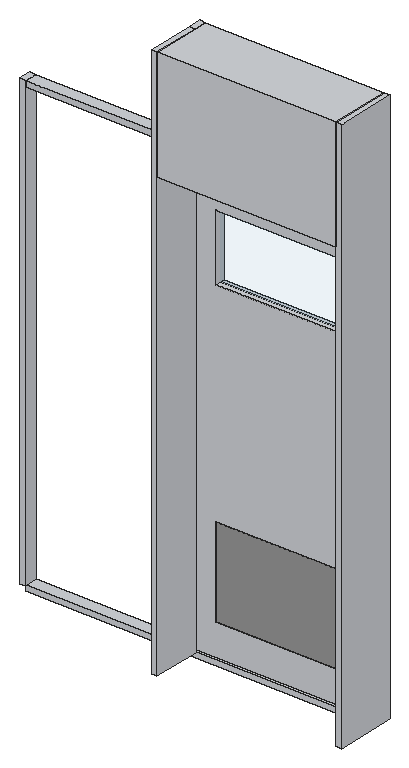
Revit family "Dor_片引き戸（幕板付）", category ドア, Revit 2020
Family settings
  ホスト = 壁
  常に垂直 = はい
  ロード時にボイドで切り取り = はい
  共有 = いいえ
  部屋計算ポイント = いいえ
Parameters (values of type "片引き戸（幕板付）")
  開口逃げ位置表示 [instance] = no
  金物_施錠方式(外) = ""
  金物_施錠方式(内) = ""
  金物_支持金物 = ""
  金物_操作金物 = ""
  金物_戸当り = ""
  金物_固定金物 = ""
  金物_フランス落し = ""
  金物_クローザー = ""
  逃げ_左 = 60 mm
  逃げ_右 = 60 mm
  解析用性能 = "<なし>"
  符号_建具記号 = ""
  符号_建具番号 = ""
  無目見付 = 25 mm
  法_随時閉鎖 = yes
  法_防火性能 = ""
  法_遮煙 = yes
  法_常時閉鎖 = yes
  沓摺表示 [instance] = yes
  沓摺タイプ = Kb_沓摺_片引き : Kb_沓摺_片引き
  枠見付上 = 25 mm
  文字_ガラス厚 = ""
  引き残し = 120 mm
  幕板高さ = 500 mm
  幕板_パネル [instance] = yes
  幕板_ガラス [instance] = not(幕板_パネル)  # no
  ラベル_遮煙 = if(法_遮煙, "S", " ")  # "S"
  ラベル_法囲み = if(法_常時閉鎖, "□", if(法_随時閉鎖, "〇", " "))  # "□"
  ガラス厚 = 6 mm
  calc_壁芯_開口間 [instance] = (枠ちり外 + オフセット_外側 + geo_壁厚 / 2) - パネル厚 - クリアランス_壁パネル間  # 80 mm
  マテリアル_ハンドル = none
  ドア高さ = 2000 mm
  ドアパネルタイプ = DP_腰窓+ガラリ : 腰窓+ガラリ
  スリット/小窓位置：戸先 [instance] = yes
  クリアランス_戸尻枠 = 30 mm
  クリアランス_壁パネル間 = 10 mm
  オフセット_外側 [instance] = 50 mm
  geo_壁厚 [instance] = 150 mm
  calc_逃げ位置_左長さ [instance] = if(calc_壁芯_開口間 > 30 mm, 60 mm, 30 mm + calc_壁芯_開口間)  # 60 mm
  calc_逃げ位置 [instance] = if(bWallThicknessOffset, calc_壁芯ずれ, 0 mm)  # 0 mm
  calc_沓摺幅 = パネル幅1 + calc_戸尻位置 + クリアランス_戸尻枠  # 1560 mm
  次による断熱プロパティの定義 = スキーマティック タイプ
  文字_額縁材質 = ""
  文字_額縁仕上 = ""
  文字_沓摺材質 = ""
  文字_沓摺仕上 = ""
  文字_枠材質 = ""
  文字_枠仕上 = ""
  文字_建具材質 = ""
  文字_建具仕上 = ""
  文字_取付場所 = ""
  文字_備考 = ""
  文字_パネル厚 = ""
  文字_ガラリ材質 = ""
  文字_ガラリ仕上 = ""
  文字_ガラス材質 = ""
  文字_アンダーカット = ""
  性能_遮音 = ""
  性能_気密 = ""
  形状_沓摺形状 = ""
  形状_枠形状 = ""
  形状_建具形式 = ""
  形状_ガラリ形状 = ""
  沓摺見込_Kg [instance] = 150 mm
  calc_戸尻位置 = パネル幅1 - 引き残し  # 705 mm
  calc_壁芯ずれ [instance] = オフセット_外側 / 2 + オフセット_内側 / 2  # 50 mm
  マテリアル_沓摺 = none
  マテリアル_枠 = none
  マテリアル_パネル = none
  マテリアル_ガラリ = none
  マテリアル_ガラス = ガラス - 透明
  パネル幅2 = 0 mm  # constant formula
  パネル幅1 = 幅 + 枠見付  # 825 mm
  引手表示 [instance] = yes
  Keynote = ""
  オフセット_内側 [instance] = 50 mm
  calc_ボイド高さ [instance] = if(幕板_パネル, H寸法 - 無目見付, H寸法 + 枠見付上)  # 2500 mm
  calc_パネル中心_幅 = 枠見付 / 2 + LOCK  # 12.5 mm
  calc_パネル中心_厚 = パネル厚 / 2 + LOCK  # 22.5 mm
  bWallThicknessOffset = no
  W寸法 = 800 mm
  LOCK = 0 mm  # constant formula
  Function = (empty or 0)
  Description = ""
  Rough Width = 0 mm
  高さ = H寸法 + LOCK  # 2525 mm
  枠見付 = 25 mm
  枠ちり外 = 10 mm
  枠ちり内 = 10 mm
  引手_高さ = 900 mm
  引手_オフセット = 80 mm
  戸当見込 = 50 mm
  戸当見付 = 15 mm
  Construction Type = ""
  Wall Closure = (empty or 0)
  幅 = W寸法 + LOCK  # 800 mm
  Rough Height = 0 mm
  パネル高 = ドア高さ - アンダーカット  # 1995 mm
  パネル幅 = パネル幅1 + LOCK  # 825 mm
  パネル厚 = 45 mm
  アンダーカット = 5 mm
  H寸法 = ドア高さ + 無目見付 + 幕板高さ  # 2525 mm
Reference planes
  plane 1: y = 0
  plane 2 "中心(左/右)": x = 0
  plane 3 "EXT.": y = 75
  plane 4 "内壁": y = -75
  plane 5 "左": x = -400
  plane 6 "右": x = 400
  plane 7 "上側": z = 2525
  plane 8: z = 0
  plane 9 "枠ちり外": y = 135
  plane 10 "枠外側左": x = -425
  plane 11 "枠外側右": x = 425
  plane 12 "枠見付_上": z = 2550
  plane 13 "パネル内側": y = 90
  plane 14: z = 5
  plane 15: y = -125
  plane 16 "枠ちり内": y = -135
  plane 17 "パネル中心": y = 112.5
  plane 18: y = 65
  plane 19: x = -430
  plane 20: x = 430
  plane 21: y = -130
  plane 22 "壁芯": y = -50
  plane 23: z = 900
  plane 24 "壁内_扉側": y = 80
  plane 25: x = -1130
  plane 26: x = -1160
  plane 27: x = -1185
  plane 28 "パネル幅中心": x = -12.5
  plane 29 "引手位置": x = 320
  plane 30 "沓摺中心": x = -380
  plane 31: y = 65
  plane 32: z = 1000
  plane 33: z = 2552
  plane 34: z = 2000
  plane 35: z = 2025
  plane 36: y = 130
  plane 37: y = 107.5
  plane 38: y = 117.5
  plane 39: y = 117.5
  plane 40: y = 107.5
  plane 41: y = 105
  plane 42: y = 117.5
  plane 43: y = 107.5
  plane 44: y = -105
  plane 45: z = 2502
  plane 46 "幕板パネル上端": z = 2500
  plane 47: y = 127
  plane 48 "オフセット外側": y = 125
  plane 49: y = 130
  plane 50: y = 105
  plane 51: y = -105
  plane 52 "逃げ位置": y = 0
  plane 53: x = -280
Forms (mm)
  Extrusion 1, void
    sketch origin (0, 0, 0) x (1, 0, 0) y (0, 1, 0)
      loop
        line (-425, -125) -> (425, -125) -> (425, 80) -> (-425, 80) -> (-425, -125)
    from 0 to 2500 <- "calc_ボイド高さ"
  Extrusion 2, void
    sketch origin (0, 0, 0) x (1, 0, 0) y (0, 1, 0)
      loop
        line (-425, 125) -> (-425, 80) -> (425, 80) -> (425, 125) -> (-425, 125)
    from 0 to 2500 <- "calc_ボイド高さ"
  Extrusion 3, void
    sketch origin (0, 0, 0) x (1, 0, 0) y (0, 1, 0)
      loop
        line (-1185, 80) -> (-425, 80) -> (-425, 125) -> (-1185, 125) -> (-1185, 80)
    from 0 to 2025
  Extrusion 4, solid, material <- "マテリアル_枠"
    sketch origin (0, 0, 0) x (1, 0, 0) y (0, 1, 0)
      loop
        line (400, 80) -> (425, 80) -> (425, 135) -> (400, 135) -> (400, 80)
    from 0 to 2500 <- "calc_ボイド高さ"
  Extrusion 5, solid, material <- "マテリアル_枠", visible <- "幕板_ガラス"
    sketch origin (0, 0, 0) x (1, 0, 0) y (0, 1, 0)
      loop
        line (-400, 80) -> (400, 80) -> (400, 135) -> (-400, 135) -> (-400, 80)
    from 2525 to 2550
  Extrusion 6, solid, material <- "マテリアル_枠", visible <- "幕板_ガラス"
    sketch origin (0, 0, 0) x (1, 0, 0) y (0, 1, 0)
      loop
        line (-400, -135) -> (400, -135) -> (400, 80) -> (-400, 80) -> (-400, -135)
    from 2525 to 2550
  Extrusion 7, solid, material <- "マテリアル_枠"
    sketch origin (0, 0, 0) x (1, 0, 0) y (0, 1, 0)
      loop
        line (-425, -135) -> (-400, -135) -> (-400, 80) -> (-425, 80) -> (-425, -135)
      loop
        line (400, -135) -> (425, -135) -> (425, 80) -> (400, 80) -> (400, -135)
    from 0 to 2500 <- "calc_ボイド高さ"
  Extrusion 8, solid, material <- "マテリアル_パネル", visible <- "幕板_パネル"
    sketch origin (0, 0, 0) x (0, 1, 0) y (0, 0, 1)
      loop
        line (135, 2000) -> (135, 2500) -> (-135, 2500) -> (-135, 2000) -> (135, 2000)
    from -400 to 400
  Extrusion 9, solid, material "ガラス - 透明" <- "マテリアル_ガラス", visible <- "幕板_ガラス"
    sketch origin (0, 0, 0) x (0, 1, 0) y (0, 0, 1)
      loop
        line (117.5, 2525) -> (107.5, 2525) -> (107.5, 2025) -> (117.5, 2025) -> (117.5, 2525)
    from -400 to 400
  Extrusion 10, solid, material <- "マテリアル_枠", visible <- "幕板_ガラス"
    sketch origin (0, 0, 0) x (1, 0, 0) y (0, 1, 0)
      loop
        line (-1160, 135) -> (-1160, 80) -> (-400, 80) -> (-400, -135) -> (400, -135) -> (400, 135) -> (-1160, 135)
    from 2000 to 2025
  Extrusion 11, solid, material <- "マテリアル_枠"
    sketch origin (0, 0, 0) x (1, 0, 0) y (0, 1, 0)
      loop
        line (-1185, 80) -> (-1160, 80) -> (-1160, 135) -> (-1185, 135) -> (-1185, 80)
    from 0 to 2025
  Extrusion 12, solid, material <- "マテリアル_枠"
    sketch origin (0, 0, 0) x (1, 0, 0) y (0, 1, 0)
      loop
        line (-425, 80) -> (-400, 80) -> (-400, 135) -> (-425, 135) -> (-425, 80)
    from 2025 to 2500 <- "calc_ボイド高さ"
  Extrusion 13, solid, visible <- "幕板_パネル"
    sketch origin (0, 0, 0) x (1, 0, 0) y (0, 1, 0)
      loop
        line (-400, 135) -> (-1160, 135) -> (-1160, 80) -> (-400, 80) -> (-400, 135)
    from 2000 to 2025
Cuts and joins
  joined: Extrusion 5, Extrusion 6
  joined: Extrusion 4, Extrusion 7
Lines and regions (mm)
  Masking region 1
    outline origin (0, 0, 0) x (0, 1, 0) y (0, 0, 1)
      loop
        line (135, 2000) -> (90, 2000) -> (90, 5) -> (135, 5) -> (135, 2000)
  Masking region 2, visible <- "幕板_ガラス"
    outline origin (0, 0, 0) x (0, 1, 0) y (0, 0, 1)
      loop
        line (105, 2550) -> (105, 2552) -> (-105, 2552) -> (-105, 2550) -> (-135, 2550) -> (-135, 2525) -> (135, 2525) -> (135, 2550) -> (105, 2550)
  Masking region 3, not visible, detail levels medium+fine
    outline origin (0, 0, 0) x (1, 0, 0) y (0, 1, 0)
      loop
        line (-400, -130) -> (400, -130) -> (400, -125) -> (400, 90) -> (-400, 90) -> (-400, -125) -> (-400, -130)
  Masking region 4, not visible, detail levels medium+fine
    outline origin (0, 0, 0) x (1, 0, 0) y (0, 1, 0)
      loop
        line (-400, -130) -> (400, -130) -> (400, -125) -> (400, 90) -> (-400, 90) -> (-400, -125) -> (-400, -130)
  Masking region 5, detail levels medium+fine
    outline origin (0, 0, 0) x (1, 0, 0) y (0, 1, 0)
      loop
        line (-425, -135) -> (-400, -135) -> (-400, 80) -> (-425, 80) -> (-425, -135)
      loop
        line (425, -135) -> (425, 135) -> (400, 135) -> (400, -135) -> (425, -135)
      loop
        line (-1185, 80) -> (-1160, 80) -> (-1160, 135) -> (-1185, 135) -> (-1185, 80)
  Masking region 6, detail levels coarse
    outline origin (0, 0, 0) x (1, 0, 0) y (0, 1, 0)
      loop
        line (-400, -130) -> (400, -130) -> (400, -125) -> (400, 125) -> (400, 130) -> (-400, 130) -> (-400, 125) -> (-400, 80) -> (-400, -125) -> (-400, -130)
  Masking region 7, detail levels coarse
    outline origin (0, 0, 0) x (1, 0, 0) y (0, 1, 0)
      loop
        line (-430, 80) -> (-430, -125) -> (-400, -125) -> (-400, 80) -> (-430, 80)
      loop
        line (430, 125) -> (400, 125) -> (400, -125) -> (430, -125) -> (430, 125)
  Masking region 8, visible <- "幕板_パネル"
    outline origin (0, 0, 0) x (0, 1, 0) y (0, 0, 1)
      loop
        line (-135, 2000) -> (135, 2000) -> (135, 2500) -> (105, 2500) -> (105, 2502) -> (-105, 2502) -> (-105, 2500) -> (-135, 2500) -> (-135, 2000)
  Masking region 9, visible <- "幕板_ガラス"
    outline origin (0, 0, 0) x (0, 1, 0) y (0, 0, 1)
      loop
        line (135, 2000) -> (135, 2025) -> (-135, 2025) -> (-135, 2000) -> (135, 2000)
  Masking region 10, visible <- "幕板_ガラス"
    outline origin (0, 0, 0) x (0, 1, 0) y (0, 0, 1)
      loop
        line (107.5, 2525) -> (107.5, 2025) -> (117.5, 2025) -> (117.5, 2525) -> (107.5, 2525)
  Masking region 11, visible <- "幕板_ガラス"
    outline origin (0, 0, 0) x (0, 1, 0) y (0, 0, 1)
      loop
        line (135, 2025) -> (135, 2525) -> (117.5, 2525) -> (117.5, 2025) -> (135, 2025)
      loop
        line (-135, 2025) -> (107.5, 2025) -> (107.5, 2525) -> (-135, 2525) -> (-135, 2025)
  Masking region 12, detail levels coarse
    outline origin (0, 0, 0) x (1, 0, 0) y (0, 1, 0)
      loop
        line (-1160, 80) -> (-400, 80) -> (-400, 125) -> (-400, 127) -> (-1160, 127) -> (-1160, 125) -> (-1160, 80)
  Masking region 13, detail levels coarse
    outline origin (0, 0, 0) x (1, 0, 0) y (0, 1, 0)
      loop
        line (-1160, 80) -> (-1160, 125) -> (-1185, 125) -> (-1187, 125) -> (-1187, 78) -> (-1160, 78) -> (-1160, 80)
  symbolic lines
    curve 1: line (0, 185, 0) -> (0, -185, 0)
Text (mm)
  text "EXT." at (-2295.016, 1099.543, 0), in view "基準レベル"
  text "外部" at (0, 1615.38, 3698.081), in view "左"
  text "外部" at (0, 1036.032, 3874.932), in view "右"
  text "内部" at (0, -1175.082, 3874.932), in view "右"
  text "内部" at (-2295.016, -1087.353, 0), in view "基準レベル"
Dimensions and locks
  equal spacing: plane 5 "左", plane 2 "中心(左/右)", plane 6 "右"
  locked: plane 3 "EXT." to host wall
  locked: plane 4 "内壁" to host wall
  "W寸法": plane 5 "左" to plane 6 "右"
  "H寸法": plane 8 to plane 7 "上側"
  "枠ちり内": plane 15 to plane 16 "枠ちり内"
  "オフセット_内側": plane 15 to plane 4 "内壁"
  "アンダーカット": plane 14 to plane 8
  locked: plane 3 "EXT." to plane 18 at 10
  locked: curve 1 to plane 9 "枠ちり外" at 50
  locked: plane 16 "枠ちり内" to curve 1 at 50
  locked: plane 19 to plane 10 "枠外側左" at 5
  locked: plane 11 "枠外側右" to plane 20 at 5
  locked: plane 15 to plane 21 at 5
  "calc_壁芯ずれ": plane 22 "壁芯" to plane 1
  "引手_高さ": plane 23 to level
  "枠見付": plane 6 "右" to plane 11 "枠外側右"
  "枠見付": plane 10 "枠外側左" to plane 5 "左"
  plane 7 "上側" to plane 12 "枠見付_上" = 25 mm
  "クリアランス_壁パネル間": plane 13 "パネル内側" to plane 24 "壁内_扉側"
  "クリアランス_戸尻枠": plane 26 to plane 25
  "枠見付": plane 27 to plane 26
  "枠見付上": plane 12 "枠見付_上" to plane 7 "上側"
  "calc_パネル中心_幅": plane 28 "パネル幅中心" to plane 2 "中心(左/右)"
  "calc_戸尻位置": plane 25 to plane 10 "枠外側左"
  equal spacing: plane 26, plane 30 "沓摺中心", plane 6 "右"
  "引手_オフセット": plane 29 "引手位置" to plane 6 "右"
  plane 31 to plane 3 "EXT." = 10 mm
  "パネル厚": plane 9 "枠ちり外" to plane 13 "パネル内側"
  locked: plane 33 to plane 12 "枠見付_上" at 2
  "ドア高さ": plane 34 to plane 8
  "無目見付": plane 35 to plane 34
  plane 7 "上側" to plane 35 = 500 mm
  plane 9 "枠ちり外" to plane 36 = 5 mm
  equal spacing: plane 38, plane 17 "パネル中心", plane 37
  plane 38 to plane 37 = 10 mm
  equal spacing: plane 8, plane 32, plane 34
  equal spacing: plane 39, plane 17 "パネル中心", plane 40
  plane 39 to plane 40 = 10 mm
  locked: plane 9 "枠ちり外" to plane 41 at 30
  equal spacing: plane 42, plane 17 "パネル中心", plane 43
  plane 42 to plane 43 = 10 mm
  locked: plane 44 to plane 16 "枠ちり内" at 30
  "幕板高さ": plane 46 "幕板パネル上端" to plane 34
  locked: plane 45 to plane 46 "幕板パネル上端" at 2
  locked: Masking region 13 sketch curve to plane 27 at 2
  locked: plane 24 "壁内_扉側" to Masking region 13 sketch curve at 2
  locked: plane 47 to plane 48 "オフセット外側" at 2
  locked: plane 49 to plane 48 "オフセット外側" at 5
  "枠ちり外": plane 9 "枠ちり外" to plane 48 "オフセット外側"
  "オフセット_外側": plane 3 "EXT." to plane 48 "オフセット外側"
  "calc_パネル中心_厚": plane 9 "枠ちり外" to plane 17 "パネル中心"
  locked: plane 9 "枠ちり外" to plane 50 at 30
  locked: plane 51 to plane 16 "枠ちり内" at 30
  "calc_逃げ位置": plane 52 "逃げ位置" to plane 1
  host wall to host wall = 150 mm  (x2)
  "geo_壁厚": host wall to host wall
  "引き残し": plane 5 "左" to plane 53
  aligned and locked: plane 1 to host wall
  aligned and locked: level to plane 8
  aligned and locked: plane 10 "枠外側左" to Extrusion 2 sketch curve
  aligned and locked: plane 11 "枠外側右" to Extrusion 2 sketch curve
  aligned and locked: Extrusion 1 to plane 15
  aligned and locked: nested 1 to plane 17 "パネル中心"
  aligned and locked: plane 9 "枠ちり外" to Masking region 2 sketch curve
  aligned and locked: plane 13 "パネル内側" to Masking region 3 sketch curve
  aligned and locked: plane 5 "左" to Masking region 3 sketch curve
  aligned and locked: Masking region 3 sketch curve to plane 6 "右"
  aligned and locked: plane 5 "左" to Masking region 6 sketch curve
  aligned and locked: Masking region 6 sketch curve to plane 6 "右"
  aligned and locked: Masking region 7 sketch curve to plane 19
  aligned and locked: Masking region 6 to Masking region 7 sketch curve
  aligned and locked: plane 6 "右" to Masking region 7 sketch curve
  aligned and locked: Masking region 7 sketch curve to plane 20
  aligned and locked: plane 15 to Masking region 7 sketch curve
  aligned and locked: Masking region 7 sketch curve to plane 15
  aligned and locked: plane 15 to Masking region 6 sketch curve  (x2)
  aligned and locked: Masking region 6 sketch curve to plane 21
  aligned and locked: Masking region 4 sketch curve to plane 21
  aligned and locked: plane 15 to Masking region 4 sketch curve  (x2)
  aligned and locked: Masking region 3 sketch curve to plane 21
  aligned and locked: plane 15 to Masking region 3 sketch curve  (x2)
  aligned and locked: plane 6 "右" to Masking region 5 sketch curve
  aligned and locked: plane 9 "枠ちり外" to Masking region 5 sketch curve
  aligned and locked: plane 5 "左" to Masking region 5 sketch curve
  aligned and locked: nested 2 to plane 17 "パネル中心"
  aligned and locked: Masking region 5 sketch curve to plane 24 "壁内_扉側"
  aligned and locked: Masking region 5 sketch curve to plane 27
  aligned and locked: plane 26 to Masking region 5 sketch curve
  aligned and locked: nested 2 to Masking region 5 sketch curve
  aligned and locked: Extrusion 3 sketch curve to Masking region 5
  aligned and locked: Masking region 5 to Extrusion 3 sketch curve
  aligned and locked: plane 10 "枠外側左" to Extrusion 3 sketch curve
  aligned and locked: Extrusion 4 sketch curve to Masking region 5  (x2)
  aligned and locked: Masking region 5 to Extrusion 4 sketch curve
  aligned and locked: Masking region 5 to Extrusion 5 sketch curve
  aligned and locked: nested 2 to Extrusion 5 sketch curve
  aligned and locked: Extrusion 5 sketch curve to plane 6 "右"
  aligned and locked: plane 24 "壁内_扉側" to Extrusion 6 sketch curve
  aligned and locked: Extrusion 6 sketch curve to plane 16 "枠ちり内"
  aligned and locked: plane 5 "左" to Extrusion 6 sketch curve
  aligned and locked: Extrusion 6 sketch curve to plane 6 "右"
  aligned and locked: plane 12 "枠見付_上" to Extrusion 5
  aligned and locked: plane 7 "上側" to Extrusion 5
  aligned and locked: plane 24 "壁内_扉側" to Extrusion 2 sketch curve
  aligned and locked: plane 24 "壁内_扉側" to Extrusion 1 sketch curve
  aligned and locked: Extrusion 4 sketch curve to plane 24 "壁内_扉側"
  aligned and locked: Extrusion 7 sketch curve to plane 16 "枠ちり内"  (x2)
  aligned and locked: plane 24 "壁内_扉側" to Extrusion 7 sketch curve  (x2)
  aligned and locked: Extrusion 7 sketch curve to plane 5 "左"
  aligned and locked: Extrusion 7 sketch curve to plane 10 "枠外側左"
  aligned and locked: plane 6 "右" to Extrusion 7 sketch curve
  aligned and locked: Extrusion 7 sketch curve to plane 11 "枠外側右"
  aligned and locked: plane 7 "上側" to Extrusion 6
  aligned and locked: plane 28 "パネル幅中心" to nested 2
  aligned and locked: plane 29 "引手位置" to nested 4
  aligned and locked: plane 30 "沓摺中心" to nested 1
  aligned and locked: nested 4 to plane 23
  aligned and locked: plane 2 "中心(左/右)" to nested 5
  aligned and locked: plane 32 to nested 5
  aligned and locked: Masking region 7 sketch curve to plane 24 "壁内_扉側"
  aligned and locked: plane 7 "上側" to Masking region 2 sketch curve
  aligned and locked: plane 12 "枠見付_上" to Masking region 2 sketch curve  (x2)
  aligned and locked: Masking region 2 sketch curve to plane 33
  aligned and locked: plane 33 to Masking region 2 sketch curve
  aligned and locked: nested 3 to plane 17 "パネル中心"
  aligned and locked: plane 35 to Extrusion 9 sketch curve
  aligned and locked: Extrusion 9 sketch curve to plane 38
  aligned and locked: Extrusion 9 sketch curve to plane 37
  aligned and locked: plane 7 "上側" to Extrusion 9 sketch curve
  aligned and locked: Extrusion 8 to plane 6 "右"
  aligned and locked: Extrusion 9 to plane 6 "右"
  aligned and locked: plane 35 to Extrusion 10
  aligned and locked: Extrusion 10 to plane 34
  aligned and locked: plane 9 "枠ちり外" to Extrusion 12 sketch curve
  aligned and locked: Extrusion 12 sketch curve to plane 10 "枠外側左"
  aligned and locked: Extrusion 12 sketch curve to plane 5 "左"
  aligned and locked: Extrusion 11 sketch curve to plane 27
  aligned and locked: plane 26 to Extrusion 11 sketch curve
  aligned and locked: Extrusion 11 sketch curve to plane 24 "壁内_扉側"
  aligned and locked: nested 2 to Extrusion 11 sketch curve
  aligned and locked: plane 35 to Extrusion 11
  aligned and locked: plane 5 "左" to Extrusion 5 sketch curve
  aligned and locked: plane 5 "左" to Extrusion 8
  aligned and locked: plane 5 "左" to Extrusion 9
  aligned and locked: plane 35 to Extrusion 3
  aligned and locked: Extrusion 12 to plane 35
  aligned and locked: plane 12 "枠見付_上" to Extrusion 6
  aligned and locked: Masking region 2 sketch curve to plane 16 "枠ちり内"
  aligned and locked: plane 16 "枠ちり内" to Masking region 8 sketch curve
  aligned and locked: plane 9 "枠ちり外" to Masking region 9 sketch curve
  aligned and locked: Masking region 9 sketch curve to plane 16 "枠ちり内"
  aligned and locked: plane 35 to Masking region 9 sketch curve
  aligned and locked: Masking region 9 sketch curve to plane 34
  aligned and locked: Masking region 10 sketch curve to plane 35
  aligned and locked: Masking region 10 sketch curve to plane 7 "上側"
  aligned and locked: plane 39 to Masking region 10 sketch curve
  aligned and locked: Masking region 10 sketch curve to plane 40
  aligned and locked: Masking region 5 sketch curve to plane 11 "枠外側右"
  aligned and locked: plane 10 "枠外側左" to Masking region 5 sketch curve
  aligned and locked: plane 2 "中心(左/右)" to nested 6
  aligned and locked: plane 9 "枠ちり外" to Extrusion 13 sketch curve
  aligned and locked: Extrusion 13 sketch curve to plane 26
  aligned and locked: Extrusion 13 sketch curve to plane 24 "壁内_扉側"
  aligned and locked: plane 35 to Extrusion 13
  aligned and locked: Extrusion 13 to plane 34
  aligned and locked: Extrusion 8 sketch curve to plane 34
  aligned and locked: plane 9 "枠ちり外" to Extrusion 8 sketch curve
  aligned and locked: Extrusion 8 sketch curve to plane 16 "枠ちり内"
  aligned and locked: Extrusion 13 sketch curve to plane 5 "左"
  aligned and locked: Masking region 8 sketch curve to plane 45
  aligned and locked: plane 41 to Masking region 8 sketch curve
  aligned and locked: Masking region 8 sketch curve to plane 44
  aligned and locked: Masking region 1 to plane 34
  aligned and locked: plane 34 to Masking region 8 sketch curve
  aligned and locked: plane 46 "幕板パネル上端" to Extrusion 8 sketch curve
  aligned and locked: Masking region 8 sketch curve to plane 46 "幕板パネル上端"  (x2)
  aligned and locked: plane 26 to Masking region 13 sketch curve  (x2)
  aligned and locked: Masking region 12 sketch curve to plane 26
  aligned and locked: Masking region 12 sketch curve to plane 24 "壁内_扉側"
  aligned and locked: Masking region 12 sketch curve to plane 5 "左"  (x2)
  aligned and locked: plane 24 "壁内_扉側" to Masking region 5 sketch curve
  aligned and locked: plane 48 "オフセット外側" to Masking region 12 sketch curve  (x2)
  aligned and locked: Masking region 6 sketch curve to plane 49
  aligned and locked: plane 48 "オフセット外側" to Masking region 6 sketch curve  (x2)
  aligned and locked: Extrusion 2 sketch curve to plane 48 "オフセット外側"
  aligned and locked: plane 48 "オフセット外側" to Extrusion 3 sketch curve
  aligned and locked: Masking region 2 sketch curve to plane 50
  aligned and locked: plane 51 to Masking region 2 sketch curve
  aligned and locked: plane 48 "オフセット外側" to Masking region 13 sketch curve
  aligned and locked: plane 47 to Masking region 12 sketch curve
  aligned and locked: plane 48 "オフセット外側" to Masking region 7 sketch curve
  aligned and locked: nested 6 to plane 52 "逃げ位置"
Automatic sketch dimensions
  Masking region 4 sketch curve to plane 5 "左" = 0 mm
  Masking region 4 sketch curve to plane 6 "右" = 0 mm
  Masking region 4 sketch curve to plane 13 "パネル内側" = 0 mm
  curve 1 to plane 2 "中心(左/右)" = 0 mm
  Extrusion 1 sketch curve to plane 10 "枠外側左" = 0 mm
  Extrusion 1 sketch curve to plane 11 "枠外側右" = 0 mm
  Extrusion 1 sketch curve to plane 15 = 0 mm
  Masking region 1 sketch curve to plane 13 "パネル内側" = 0 mm
  Masking region 1 sketch curve to plane 9 "枠ちり外" = 0 mm
  Masking region 1 sketch curve to plane 14 = 0 mm
  Masking region 6 sketch curve to plane 24 "壁内_扉側" = 0 mm
  plane 7 "上側" to Masking region 1 sketch curve = 525 mm
  Extrusion 10 sketch curve to plane 9 "枠ちり外" = 0 mm
  Extrusion 10 sketch curve to plane 26 = 0 mm
  Extrusion 10 sketch curve to plane 5 "左" = 0 mm
  Extrusion 10 sketch curve to plane 6 "右" = 0 mm
  Extrusion 10 sketch curve to plane 16 "枠ちり内" = 0 mm
  Extrusion 10 sketch curve to plane 24 "壁内_扉側" = 0 mm
  Extrusion 12 sketch curve to plane 24 "壁内_扉側" = 0 mm
  plane 7 "上側" to Masking region 11 sketch curve = 0 mm  (x2)
  Masking region 11 sketch curve to plane 16 "枠ちり内" = 0 mm
  Masking region 11 sketch curve to plane 43 = 0 mm
  Masking region 11 sketch curve to plane 35 = 0 mm  (x2)
  Masking region 11 sketch curve to plane 42 = 0 mm
  Masking region 11 sketch curve to plane 9 "枠ちり外" = 0 mm
  Masking region 5 sketch curve to plane 16 "枠ちり内" = 0 mm  (x2)
  Masking region 8 sketch curve to plane 9 "枠ちり外" = 0 mm
  Masking region 13 sketch curve to plane 27 = 0 mm
  Masking region 13 sketch curve to plane 24 "壁内_扉側" = 0 mm
Nested families
  nested 1: "Kb_沓摺_片引き" at (-380, 112.5, 0), アンダーカット <- "アンダーカット", パネル厚 <- "パネル厚", パネル幅 <- "パネル幅1", 沓摺材質 <- "マテリアル_沓摺", type <- "沓摺タイプ", 幅 <- "calc_沓摺幅", 引き残し <- "引き残し", クリアランス_壁パネル間 <- "クリアランス_壁パネル間", 枠見付 <- "枠見付", visible <- "沓摺表示", 沓摺見込 <- "沓摺見込_Kg", type "Kb_沓摺_片引き"
    with 沓摺見込 150 mm, 沓摺材質 none, 枠見付 25 mm, 引き残し 120 mm, 幅 1560 mm, パネル幅 825 mm, パネル厚 45 mm, クリアランス_壁パネル間 10 mm, アンダーカット 5 mm
  nested 2: "平面_引き戸" at (-12.5, 112.5, 0), type "平面_引き戸"
  nested 3: "DP_腰窓+ガラリ" at (-12.5, 112.5, 0), マテリアル_パネル <- "マテリアル_パネル", 幅 <- "パネル幅1", 高さ <- "パネル高", Thickness <- "パネル厚", type <- "ドアパネルタイプ", アンダーカット <- "アンダーカット", マテリアル_ガラス <- "マテリアル_ガラス", マテリアル_ガラリ <- "マテリアル_ガラリ", スリット/小窓位置：戸先 <- "スリット/小窓位置：戸先", ガラス厚 <- "ガラス厚", type "腰窓+ガラリ"
    with 高さ 1995 mm, 幅 825 mm, built-in parameter 1001302 45 mm, マテリアル_パネル none, マテリアル_ガラリ none, マテリアル_ガラス ガラス - 透明, スリット/小窓位置：戸先 yes, ガラス厚 6 mm, アンダーカット 5 mm, calc_窓W 605 mm, calc_窓H 300 mm
  nested 4: "Ha_引手" at (320, 62.5, 900) x (-1, 0, 0) z (0, 0, 1), visible <- "引手表示", type "Ha_引手"
    with パネル厚 45 mm
  nested 5: "立面_スイング_引き戸" at (0, 75, 1000) x (1, 0, 0) z (0, -1, 0), type "立面_スイング_引き戸"
    with 幅 250 mm
  nested 6: "平面_逃げ位置_片引き" at (0, 0, 0), 逃げ_右 <- "逃げ_右", 逃げ_左 <- "逃げ_左", 幅 <- "W寸法", visible <- "開口逃げ位置表示", 長さ_左 <- "calc_逃げ位置_左長さ", type "平面_逃げ位置_片引き"
    with 長さ_左 60 mm, 逃げ_左 60 mm, 逃げ_右 60 mm, 幅 800 mm
Definition of nested family "Kb_沓摺_片引き"
  Parameters (values of type "Kb_沓摺_片引き")
    沓摺材質 [instance] = none
    枠見付 [instance] = 25 mm
    Default Elevation = 0 mm
    引き残し [instance] = 120 mm
    幅 [instance] = 1200 mm
    沓摺見込 [instance] = 150 mm
    パネル幅 [instance] = 830 mm
    パネル厚 [instance] = 45 mm
    クリアランス_壁パネル間 [instance] = 10 mm
    アンダーカット [instance] = 5 mm
  Reference planes
    plane 1 "中心(正面/背面)": y = 0
    plane 2: z = 0
    plane 3 "中心(左/右)": x = 0
    plane 4 "パネル内側": y = -22.5
    plane 5: x = -600
    plane 6: x = 600
    plane 7: z = 5
    plane 8: z = 3
    plane 9 "パネル外側": y = 22.5
    plane 10: z = -20
    plane 11: y = -32.5
    plane 12: y = -127.5
  Forms (mm)
    Extrusion 1, solid, material <- "沓摺材質"
      sketch origin (0, 0, 0) x (0, 1, 0) y (0, 0, 1)
        loop
          line (22.5, -20) -> (22.5, 3) -> (-32.5, 3) -> (-32.5, -20) -> (22.5, -20)
      from -600 to 600
  Lines and regions (mm)
    Masking region 1
      outline origin (0, 0, 0) x (0, 1, 0) y (0, 0, 1)
        loop
          line (22.5, -20) -> (22.5, 3) -> (-22.5, 3) -> (-22.5, -20) -> (22.5, -20)
    Masking region 2, detail levels medium+fine
      outline origin (0, 0, 0) x (1, 0, 0) y (0, 1, 0)
        loop
          line (-600, -32.5) -> (600, -32.5) -> (600, 22.5) -> (-600, 22.5) -> (-600, -32.5)
  Dimensions and locks
    "幅": plane 5 to plane 6
    equal spacing: plane 5, plane 3 "中心(左/右)", plane 6
    "アンダーカット": plane 7 to plane 2
    locked: plane 7 to plane 8 at 2
    equal spacing: plane 9 "パネル外側", plane 1 "中心(正面/背面)", plane 4 "パネル内側"
    "パネル厚": plane 9 "パネル外側" to plane 4 "パネル内側"
    locked: plane 7 to plane 10 at 25
    "クリアランス_壁パネル間": plane 4 "パネル内側" to plane 11
    "沓摺見込": plane 9 "パネル外側" to plane 12
    aligned and locked: level to plane 2
    aligned and locked: plane 10 to Extrusion 1 sketch curve
    aligned and locked: Extrusion 1 sketch curve to plane 9 "パネル外側"
    aligned and locked: Extrusion 1 sketch curve to plane 8
    aligned and locked: plane 6 to Extrusion 1
    aligned and locked: Extrusion 1 to plane 5
    aligned and locked: Extrusion 1 sketch curve to plane 11
    aligned and locked: Masking region 2 sketch curve to Extrusion 1  (x4)
  Automatic sketch dimensions
    Masking region 1 sketch curve to plane 4 "パネル内側" = 0 mm
    Masking region 1 sketch curve to plane 8 = 0 mm
    Masking region 1 sketch curve to plane 9 "パネル外側" = 0 mm
    Masking region 1 sketch curve to plane 10 = 0 mm
Definition of nested family "DP_腰窓+ガラリ"
  Parameters (values of type "腰窓+ガラリ")
    Height [instance] = 1995 mm
    Analytic Construction = "<なし>"
    窓位置_戸先 = 110 mm
    窓位置_戸尻 = 110 mm
    Define Thermal Properties by = 1
    Thickness [instance] = 40 mm
    窓腰高 = 1500 mm
    マテリアル_パネル [instance] = none
    マテリアル_ガラリ [instance] = none
    マテリアル_ガラス [instance] = none
    スリット/小窓位置：戸先 [instance] = yes
    ガラリ位置_下 = 150 mm
    窓位置_上 = 200 mm
    Width [instance] = 800 mm
    ガラリH = 400 mm
    ガラス厚 [instance] = 6 mm
    アンダーカット [instance] = 5 mm
    calc_窓W [instance] = Width - 窓位置_戸先 - 窓位置_戸尻  # 580 mm
    calc_窓H [instance] = (Height + アンダーカット) - 窓腰高 - 窓位置_上  # 300 mm
  Reference planes
    plane 1 "中心(正面/背面)": y = 0
    plane 2 "下": z = 0
    plane 3 "中心(左/右)": x = 0
    plane 4 "右": x = 400
    plane 5 "左": x = -400
    plane 6 "前面": y = 20
    plane 7 "背面": y = -20
    plane 8 "上": z = 2000
    plane 9 "框左": x = -290
    plane 10 "框右": x = 290
    plane 11 "ガラス下": z = 1500
    plane 12 "框上": z = 1800
    plane 13 "ガラリ上": z = 550
    plane 14 "框下": z = 150
    plane 15 "窓中央": x = 0
    plane 16: z = 5
  Forms (mm)
    Extrusion 1, solid, material <- "マテリアル_パネル"
      sketch origin (0, 0, 0) x (1, 0, 0) y (0, 0, 1)
        loop
          line (-400, 2000) -> (-400, 5) -> (400, 5) -> (400, 2000) -> (-400, 2000)
        loop
          line (-290, 1800) -> (-290, 1500) -> (290, 1500) -> (290, 1800) -> (-290, 1800)
        loop
          line (-290, 550) -> (-290, 150) -> (290, 150) -> (290, 550) -> (-290, 550)
      from -20 to 20
    Extrusion 2, solid, material <- "マテリアル_ガラリ"
      sketch origin (0, 0, 0) x (1, 0, 0) y (0, 0, 1)
        loop
          line (-290, 550) -> (-290, 150) -> (290, 150) -> (290, 550) -> (-290, 550)
      from -20 to 20
  Dimensions and locks
    equal spacing: plane 5 "左", plane 3 "中心(左/右)", plane 4 "右"
    "Width": plane 5 "左" to plane 4 "右"
    equal spacing: plane 6 "前面", plane 1 "中心(正面/背面)", plane 7 "背面"
    "Thickness": plane 6 "前面" to plane 7 "背面"
    "窓位置_上": plane 8 "上" to plane 12 "框上"
    "窓腰高": plane 11 "ガラス下" to level
    "窓位置_戸先": plane 4 "右" to plane 10 "框右"
    "窓位置_戸尻": plane 9 "框左" to plane 5 "左"
    "ガラリ位置_下": plane 14 "框下" to level
    "ガラリH": plane 13 "ガラリ上" to plane 14 "框下"
    equal spacing: plane 9 "框左", plane 15 "窓中央", plane 10 "框右"
    "アンダーカット": plane 16 to plane 2 "下"
    "Height": plane 8 "上" to plane 16
    aligned and locked: level to plane 2 "下"
    aligned and locked: Extrusion 1 sketch curve to plane 8 "上"
    aligned and locked: plane 5 "左" to Extrusion 1 sketch curve
    aligned and locked: Extrusion 1 sketch curve to plane 4 "右"
    aligned and locked: plane 6 "前面" to Extrusion 1
    aligned and locked: Extrusion 1 to plane 7 "背面"
    aligned and locked: Extrusion 1 sketch curve to plane 12 "框上"
    aligned and locked: plane 9 "框左" to Extrusion 1 sketch curve  (x2)
    aligned and locked: plane 11 "ガラス下" to Extrusion 1 sketch curve
    aligned and locked: plane 10 "框右" to Extrusion 1 sketch curve  (x2)
    aligned and locked: Extrusion 1 sketch curve to plane 13 "ガラリ上"
    aligned and locked: plane 14 "框下" to Extrusion 1 sketch curve
    aligned and locked: Extrusion 2 sketch curve to Extrusion 1  (x4)
    aligned and locked: plane 6 "前面" to Extrusion 2
    aligned and locked: Extrusion 2 to plane 7 "背面"
    aligned and locked: plane 15 "窓中央" to nested 1
    aligned and locked: nested 1 to plane 1 "中心(正面/背面)"
    aligned and locked: plane 16 to Extrusion 1 sketch curve
  Nested families
    nested 1: "DPw_ガラス" at (0, 15, 1500), built-in parameter 1001364 <- "窓腰高", Height <- "calc_窓H", Width <- "calc_窓W", Thickness <- "ガラス厚", マテリアル_ガラス <- "マテリアル_ガラス", type "ガラス"
      with Height 300 mm, Width 580 mm, Thickness 6 mm, マテリアル_ガラス none
  Definition of nested family "DPw_ガラス"
    Parameters (values of type "DPw_ガラス")
      Define Thermal Properties by = 1
      Visual Light Transmittance = 0.9
      Solar Heat Gain Coefficient = 0.78
      Height [instance] = 1000 mm
      Heat Transfer Coefficient (U) = 3.6886 W/(m²·K)
      Width [instance] = 800 mm
      Analytic Construction = "1/8 インチ ピルキントン一重ガラス"
      Thickness [instance] = 6 mm
      マテリアル_ガラス [instance] = none
    Reference planes
      plane 1 "中心(正面/背面)": y = -15
      plane 2 "下": z = 0
      plane 3 "中心(左/右)": x = 0
      plane 4 "左": x = -400
      plane 5 "右": x = 400
      plane 6 "上": z = 1000
      plane 7: y = -12
      plane 8: y = -18
      plane 9: z = 500
    Forms (mm)
      Extrusion 1, solid, material <- "マテリアル_ガラス"
        sketch origin (0, -15, 0) x (1, 0, 0) y (0, 0, 1)
          loop
            line (-400, 0) -> (400, 0) -> (400, 1000) -> (-400, 1000) -> (-400, 0)
        from -3 to 3
    Lines and regions (mm)
      symbolic lines, detail levels medium+fine
        curve 1: line (400, -15, 0) -> (-400, -15, 0)
      symbolic lines, detail levels fine
        curve 2: line (0, -15, 1000) -> (0, -15, 0)
    Dimensions and locks
      equal spacing: plane 4 "左", plane 3 "中心(左/右)", plane 5 "右"
      "Width": plane 4 "左" to plane 5 "右"
      "Height": plane 6 "上" to plane 2 "下"
      equal spacing: plane 6 "上", plane 9, plane 2 "下"
      "Thickness": plane 8 to plane 7
      equal spacing: plane 8, plane 1 "中心(正面/背面)", plane 7
      plane 2 "下" to level = 0 mm
      aligned and locked: plane 5 "右" to Extrusion 1
      aligned and locked: Extrusion 1 to plane 4 "左"
      aligned and locked: Extrusion 1 to plane 7
      aligned and locked: plane 8 to Extrusion 1
      aligned and locked: curve 1 to plane 1 "中心(正面/背面)"
      aligned and locked: plane 4 "左" to curve 1
      aligned and locked: Extrusion 1 to curve 1
      aligned and locked: plane 6 "上" to Extrusion 1
      aligned and locked: plane 2 "下" to curve 2
      aligned and locked: plane 6 "上" to curve 2
      aligned and locked: Extrusion 1 to plane 2 "下"
    Automatic sketch dimensions
      Extrusion 1 sketch curve to plane 4 "左" = 0 mm
      Extrusion 1 sketch curve to plane 5 "右" = 0 mm
      level to Extrusion 1 sketch curve = 0 mm
      Extrusion 1 sketch curve to plane 6 "上" = 0 mm
      curve 2 to plane 1 "中心(正面/背面)" = 0 mm
Definition of nested family "Ha_引手"
  Parameters (values of type "Ha_引手")
    Analytic Construction = "<なし>"
    Define Thermal Properties by = 1
    パネル厚 = 30 mm
    ハンドル = none
    Keynote = "08730.C5"
  Reference planes
    plane 1 "中心(正面/背面)": y = 0
    plane 2: z = 0
    plane 3 "中心 (左/右)": x = 0
    plane 4: y = 15
    plane 5: y = -15
    plane 6: y = -20
    plane 7: y = 20
  Forms (mm)
    Extrusion 1, solid, material <- "ハンドル"
      sketch origin (-30, -15, 0) x (1, 0, 0) y (0, 0, 1)
        loop
          line (20, -40) -> (40, -40) -> (40, 40) -> (20, 40) -> (20, -40)
      from -35 to 5
    Extrusion 2, void
      sketch origin (0, -15, 0) x (-1, 0, 0) y (0, 0, 1)
        loop
          line (5, -25) -> (5, 25) -> (-5, 25) -> (-5, -25) -> (5, -25)
      from -5 to 0
    Extrusion 3, void
      sketch origin (0, 15, 0) x (-1, 0, 0) y (0, 0, 1)
        loop
          line (-5, 25) -> (-5, -25) -> (5, -25) -> (5, 25) -> (-5, 25)
      from 0 to 5
  Cuts and joins
    Extrusion 2, Extrusion 3 cuts Extrusion 1
  Dimensions and locks
    equal spacing: plane 5, plane 1 "中心(正面/背面)", plane 4
    "パネル厚": plane 5 to plane 4
    locked: plane 6 to plane 5 at 5
    locked: plane 4 to plane 7 at 5
    aligned and locked: plane 6 to Extrusion 1
    aligned and locked: Extrusion 1 to plane 7
    aligned and locked: Extrusion 1 to Extrusion 2
    aligned and locked: Extrusion 1 to Extrusion 3
  Automatic sketch dimensions
    Extrusion 1 sketch curve to plane 3 "中心 (左/右)" = 10 mm
    plane 3 "中心 (左/右)" to Extrusion 1 sketch curve = 10 mm
    Extrusion 1 sketch curve to level = 40 mm
    level to Extrusion 1 sketch curve = 40 mm
    plane 3 "中心 (左/右)" to Extrusion 2 sketch curve = 5 mm
    Extrusion 2 sketch curve to plane 3 "中心 (左/右)" = 5 mm
    Extrusion 2 sketch curve to level = 25 mm
    level to Extrusion 2 sketch curve = 25 mm
    plane 3 "中心 (左/右)" to Extrusion 3 sketch curve = 5 mm
    Extrusion 3 sketch curve to plane 3 "中心 (左/右)" = 5 mm
    Extrusion 3 sketch curve to level = 25 mm
    level to Extrusion 3 sketch curve = 25 mm
Definition of nested family "平面_引き戸"
  Parameters (values of type "平面_引き戸")
    引き残し = 120 mm
    幅 = 825 mm
    パネル幅 = 幅  # 825 mm
    パネル厚 = 45 mm
  Reference planes
    plane 1 "中心(正面/背面)": y = 0
    plane 2: z = 0
    plane 3 "中心(左/右)": x = 0
    plane 4: x = -412.5
    plane 5: x = 412.5
    plane 6 "内側": y = -22.5
    plane 7 "外側": y = 22.5
    plane 8: x = -292.5
    plane 9: x = -1117.5
  Lines and regions (mm)
    Masking region 1, in view "基準レベル", detail levels medium+fine
      outline origin (0, 0, 0) x (1, 0, 0) y (0, 1, 0)
        loop
          line (-412.5, -22.5) -> (412.5, -22.5) -> (412.5, 22.5) -> (-412.5, 22.5) -> (-412.5, -22.5)
    detail lines, in view "基準レベル", detail levels medium+fine
      curve 1: line (-412.5, -22.5, 0) -> (-1117.5, -22.5, 0)
      curve 2: line (-1117.5, -22.5, 0) -> (-1117.5, 22.5, 0)
      curve 3: line (-1117.5, 22.5, 0) -> (-412.5, 22.5, 0)
    detail lines, in view "基準レベル", detail levels coarse
      curve 4: line (412.5, 0, 0) -> (-412.5, 0, 0)
      curve 5: line (-1117.5, 0, 0) -> (-412.5, 0, 0)
  Dimensions and locks
    equal spacing: plane 4, plane 3 "中心(左/右)", plane 5
    "幅": plane 4 to plane 5
    "パネル厚": plane 7 "外側" to plane 6 "内側"
    equal spacing: plane 7 "外側", plane 1 "中心(正面/背面)", plane 6 "内側"
    "引き残し": plane 4 to plane 8
    "幅": plane 9 to plane 8
    aligned and locked: Masking region 1 sketch curve to plane 6 "内側"
    aligned and locked: Masking region 1 sketch curve to plane 4
    aligned and locked: plane 5 to Masking region 1 sketch curve
    aligned and locked: plane 7 "外側" to Masking region 1 sketch curve
    aligned and locked: plane 5 to curve 4
    aligned and locked: curve 3 to plane 7 "外側"
    aligned and locked: plane 9 to curve 2
    aligned and locked: Masking region 1 to plane 4
    aligned and locked: plane 6 "内側" to curve 1
    aligned and locked: Masking region 1 to plane 6 "内側"
    aligned and locked: plane 5 to Masking region 1
    aligned and locked: plane 4 to curve 4
    aligned and locked: plane 9 to curve 5
    aligned and locked: plane 1 "中心(正面/背面)" to curve 5
    aligned and locked: curve 4 to plane 1 "中心(正面/背面)"
  Automatic sketch dimensions
    curve 3 to plane 4 = 0 mm
    curve 1 to plane 4 = 0 mm
Definition of nested family "立面_スイング_引き戸"
  Parameters (values of type "立面_スイング_引き戸")
    幅 [instance] = 250 mm
  Reference planes
    plane 1 "中心(正面/背面)": y = 0
    plane 2: z = 0
    plane 3 "中心(左/右)": x = 0
    plane 4: x = -125
    plane 5: x = 125
  Lines and regions (mm)
    detail lines, in view "基準レベル"
      curve 1: line (125, 0, 0) -> (-125, 0, 0)
      curve 2: line (-125, 0, 0) -> (-55.718, 40, 0)
  Dimensions and locks
    equal spacing: plane 4, plane 3 "中心(左/右)", plane 5
    "幅": plane 4 to plane 5
    angle curve 1 to curve 2 = 30.00°
    aligned and locked: plane 4 to curve 1
    aligned and locked: plane 5 to curve 1
  Automatic sketch dimensions
    plane 1 "中心(正面/背面)" to curve 1 = 0 mm
Definition of nested family "平面_逃げ位置_片引き"
  Parameters (values of type "平面_逃げ位置_片引き")
    長さ_左 [instance] = 50 mm
    長さ_右 = 60 mm
    逃げ_左 [instance] = 40 mm
    逃げ_右 [instance] = 40 mm
    幅 [instance] = 1000 mm
  Reference planes
    plane 1 "中心(正面/背面)": y = 0
    plane 2: z = 0
    plane 3 "中心(左/右)": x = 0
    plane 4: x = -500
    plane 5: x = 500
    plane 6: x = 540
    plane 7: x = -540
    plane 8: y = -30
    plane 9: y = 30
    plane 10 "オフセット": y = 20
  Lines and regions (mm)
    detail lines, in view "基準レベル"
      curve 1: line (-540, 20, 0) -> (-540, -30, 0)
      curve 2: line (540, 30, 0) -> (540, -30, 0)
  Dimensions and locks
    equal spacing: plane 4, plane 3 "中心(左/右)", plane 5
    "幅": plane 4 to plane 5
    "長さ_右": plane 9 to plane 8
    equal spacing: plane 9, plane 1 "中心(正面/背面)", plane 8
    "逃げ_左": plane 7 to plane 4
    "逃げ_右": plane 5 to plane 6
    "長さ_左": plane 10 "オフセット" to plane 8
    aligned and locked: curve 1 to plane 7
    aligned and locked: plane 6 to curve 2
    aligned and locked: plane 9 to curve 2
    aligned and locked: plane 10 "オフセット" to curve 1
  Automatic sketch dimensions
    curve 1 to plane 8 = 0 mm
    curve 2 to plane 8 = 0 mm
